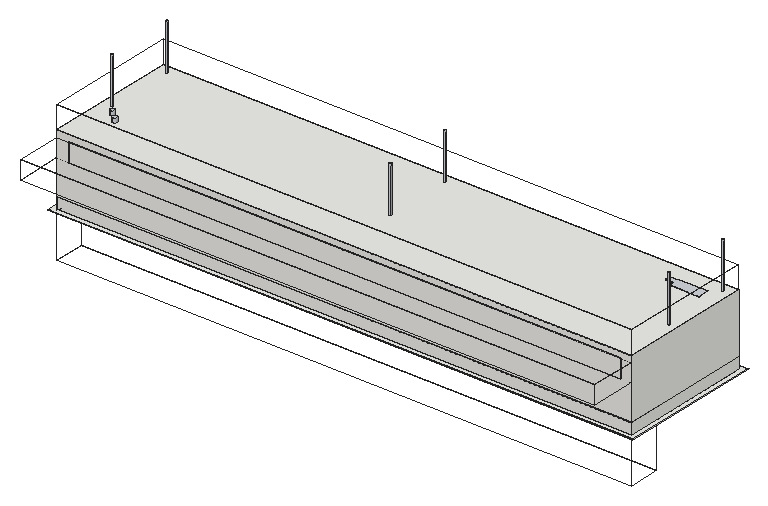
Revit family "AIRTECNICS_AIR CURTAIN_RECESSED DAM_WATER HEATED (P)123", category Equipos mecánicos, Revit 2016 (continued)
Types (16, lengths in mm): name | Weight | Water Flow Connector | Water Drop Pressure | Water Coil Volume | Product Size | Product Reference | Product Description | Power Fans Factor | Power Fans | Noise Level (dB(A)) | M | Length | Heating Capacity | G | EC | Current Fans | L | CT | CM | Apparent Load | Airflow
  RDAM M 2500 P | 106.00 kg | 1.2 m³/h | 3810.0 Pa | 2.6 L | "2500" | "RDAM M 2500 P86" | "Compact and low profile recessed air curtain with full grille view.\r\nSelf-supporting casing construction made of galvanized steel plate, ready to be installed recessed in a false ceiling. \r\nInlet grille (free of maintenance) made with aluminium profiles and blow-out nozzle, integrated in a single white frame colour RAL 9016. Other colours are available on request. \r\nDouble-inlet centrifugal fans driven by an external rotor motor and low noise level. 5-speed selector. \r\n“P” type with water heated coil. \r\nIncludes Plug&Play control with 7m RJ45 cable and infrared remote control. Optional: Clever control (programmable, automatic, intelligent, energy saving, Modbus RTU for BMS…)\r\nAir Volume: 4150 m3/h \r\nFans:  1,07 kW  4,75 A 230Vx1 50Hz\r\nHeating power: 26,92 kW (80/60ºC)\r\nDimensions: 627x310x2548 mm (depth, height, length)" | 0.98 | 1.07 kW | 59 | yes | 2548.0 | 26.92 kW | no | no | 4.75 A | 2500.0 | 16 | 2 | 541 VA | 4150 m³/h
  RDAM M 2000 P | 95.00 kg | 0.9 m³/h | 1930.0 Pa | 2.1 L | "2000" | "RDAM M 2000 P86" | "Compact and low profile recessed air curtain with full grille view.\r\nSelf-supporting casing construction made of galvanized steel plate, ready to be installed recessed in a false ceiling. \r\nInlet grille (free of maintenance) made with aluminium profiles and blow-out nozzle, integrated in a single white frame colour RAL 9016. Other colours are available on request. \r\nDouble-inlet centrifugal fans driven by an external rotor motor and low noise level. 5-speed selector. \r\n“P” type with water heated coil. \r\nIncludes Plug&Play control with 7m RJ45 cable and infrared remote control. Optional: Clever control (programmable, automatic, intelligent, energy saving, Modbus RTU for BMS…)\r\nAir Volume: 3320 m3/h \r\nFans:  0,856 kW  3,8 A 230Vx1 50Hz\r\nHeating power: 20,65 kW (80/60ºC)\r\nDimensions: 627x310x2048 mm (depth, height, length)" | 0.98 | 0.856 kW | 58 | yes | 2048.0 | 20.65 kW | no | no | 3.8 A | 2000.0 | 8 | 2 | 433 VA | 3320 m³/h
  RDAM M 1500 P | 74.00 kg | 0.6 m³/h | 760.0 Pa | 1.5 L | "1500" | "RDAM M 1500 P86" | "Compact and low profile recessed air curtain with full grille view.\r\nSelf-supporting casing construction made of galvanized steel plate, ready to be installed recessed in a false ceiling. \r\nInlet grille (free of maintenance) made with aluminium profiles and blow-out nozzle, integrated in a single white frame colour RAL 9016. Other colours are available on request. \r\nDouble-inlet centrifugal fans driven by an external rotor motor and low noise level. 5-speed selector. \r\n“P” type with water heated coil. \r\nIncludes Plug&Play control with 7m RJ45 cable and infrared remote control. Optional: Clever control (programmable, automatic, intelligent, energy saving, Modbus RTU for BMS…)\r\nAir Volume: 2490 m3/h \r\nFans:  0,642 kW  2,85 A 230Vx1 50Hz\r\nHeating power: 14,26 kW (80/60ºC)\r\nDimensions: 627x310x1548 mm (depth, height, length)" | 0.98 | 0.642 kW | 57 | yes | 1548.0 | 14.26 kW | no | no | 2.85 A | 1500.0 | 4 | 2 | 324 VA | 2490 m³/h
  RDAM M 1000 P | 50.00 kg | 0.4 m³/h | 880.0 Pa | 0.9 L | "1000" | "RDAM M 1000 P86" | "Compact and low profile recessed air curtain with full grille view.\r\nSelf-supporting casing construction made of galvanized steel plate, ready to be installed recessed in a false ceiling. \r\nInlet grille (free of maintenance) made with aluminium profiles and blow-out nozzle, integrated in a single white frame colour RAL 9016. Other colours are available on request. \r\nDouble-inlet centrifugal fans driven by an external rotor motor and low noise level. 5-speed selector. \r\n“P” type with water heated coil. \r\nIncludes Plug&Play control with 7m RJ45 cable and infrared remote control. Optional: Clever control (programmable, automatic, intelligent, energy saving, Modbus RTU for BMS…)\r\nAir Volume: 1660 m3/h \r\nFans:  0,428 kW  1,9 A 230Vx1 50Hz\r\nHeating power: 9,17 kW (80/60ºC)\r\nDimensions: 627x310x1048 mm (depth, height, length)" | 0.98 | 0.428 kW | 56 | yes | 1048.0 | 9.17 kW | no | no | 1.9 A | 1000.0 | 2 | 2 | 216 VA | 1660 m³/h
